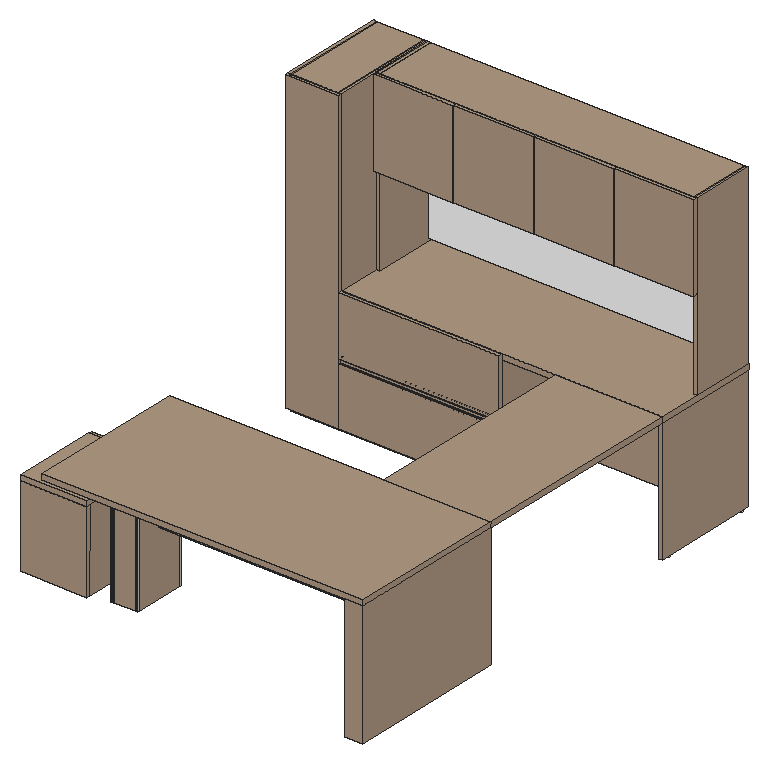
Revit family "T100004", category Furniture, Revit 2013
Parameters (values of type "T100004")
  Width = 84"
  URL = "http://www.ofsbrands.com/"
  Top Core Material = OFS BRANDS SLATE Top Core Wood
  Tool Rail Material = OFS BRANDS SLATE Tool Rail Metal
  Roll Material = OFS BRANDS SLATE Roll Plastic
  Pull Material = OFS BRANDS SLATE Pull Metal
  Model = "T100004"
  Manufacturer = "OFS"
  Lock Material = OFS BRANDS SLATE Lock Metal
  Height = 68 3/4"
  Glides Material = OFS BRANDS SLATE Glide Plastic
  Drawer Front Material = OFS BRANDS SLATE Drawer Front Wood
  Description = "OFS BRANDS OFS SLATE TYPICAL T100004"
  Depth = 108"
  Copyright © = "© 2018 OFS BRANDS"
  Chassis Material = OFS BRANDS SLATE Chassis Wood
  Catalog = "http://ofsbrands.com/products/casegoods/private-office/slate"
  Grommet  Material = OFS BRANDS SLATE Grommet Metal
  Back Coverage Material = OFS BRANDS SLATE Back Coverage Plastic
  Authoring Version = "Autodesk Revit Architecture 2013"
  Assembly Code = "E2020200"
Reference planes (in)
  plane 1 "Center (Front/Back)": y = 0
  plane 2: z = 0
  plane 3 "Center (Left/Right)": x = 0
Forms (in)
  Extrusion 1, solid, material "OFS BRANDS SLATE Chassis Wood" <- "Chassis Material"
    sketch origin (39.0625, -41.29485, 457.72219) x (0, -1, 0) y (0, 0, -1)
      loop
        line (12.70514, 457.27219) -> (-23.23233, 457.27219) -> (-23.23233, 429.70969) -> (12.70515, 429.70969) -> (12.70514, 457.27219)
    from -1.0625 to 2.93758
  Revolve 2, solid, material "OFS BRANDS SLATE Glide Plastic" <- "Glides Material"
    sketch origin (22.49423, -20.07607, 0.19832) x (-1, 0, 0) y (0, 0, -1)
      loop
        line (-17.50584, -0.25168) -> (-17.50584, 0.19831) -> (-17.75606, 0.19831)
        arc (-17.75606, 0.19831) -> (-17.8819, 0.07247) -> (-17.75606, -0.05337) r 0.12584
        line (-17.75606, -0.05337) -> (-17.75606, -0.25168) -> (-17.50584, -0.25168)
      axis (-17.50584, -0.25168) -> (-17.50584, 0.19831)
    angle from 0 to 360
  Revolve 3, solid, material "OFS BRANDS SLATE Glide Plastic" <- "Glides Material"
    sketch origin (22.49423, -51.98645, 0.19832) x (-1, 0, 0) y (0, 0, 1)
      loop
        line (-17.50584, 0.25168) -> (-17.75606, 0.25168) -> (-17.75606, 0.05337)
        arc (-17.75606, 0.05337) -> (-17.8819, -0.07247) -> (-17.75606, -0.19831) r 0.12584
        line (-17.75606, -0.19831) -> (-17.50584, -0.19831) -> (-17.50584, 0.25168)
      axis (-17.50584, 0.25168) -> (-17.50584, -0.19831)
    angle from 0 to 360
  Extrusion 4, solid, material "OFS BRANDS SLATE Chassis Wood" <- "Chassis Material"
    sketch origin (-2.45671, -35.3125, 0) x (1, 0, 0) y (0, 0, -1)
      loop
        line (40.4567, -15.0125) -> (-15.54329, -15.0125) -> (-15.54329, -28.0125) -> (40.45671, -28.0125) -> (40.4567, -15.0125)
    from -1.0625 to -0.3125
  Extrusion 5, solid, material "OFS BRANDS SLATE Top Core Wood" <- "Top Core Material"
    sketch origin (-30.55212, -160.96634, 0) x (1, 0, 0) y (0, 1, 0)
      loop
        line (0.55213, 106.96634) -> (72.5522, 106.96634) -> (72.5522, 142.96634) -> (0.55213, 142.96634) -> (0.55213, 106.96634)
    from 28.0125 to 29.2
  Extrusion 6, solid, material "OFS BRANDS SLATE Top Core Wood" <- "Top Core Material"
    sketch origin (-30.55212, 124.96635, 0) x (1, 0, 0) y (0, 1, 0)
      loop
        line (48.55212, -94.96634) -> (48.55212, -142.96634) -> (72.5522, -142.96634) -> (72.5522, -94.96634) -> (48.55212, -94.96634)
    from 28.0125 to 29.2
  Extrusion 7, solid, material "OFS BRANDS SLATE Top Core Wood" <- "Top Core Material"
    sketch origin (-36.55216, -64.96636, 0) x (1, 0, 0) y (0, 1, 0)
      loop
        line (6.5522, 94.96634) -> (78.55227, 94.96634) -> (78.55227, 118.96634) -> (6.5522, 118.96634) -> (6.5522, 94.96634)
    from 28.0125 to 29.2
  Extrusion 8, solid, material "OFS BRANDS SLATE Chassis Wood" <- "Chassis Material"
    sketch origin (-30.55212, -160.96634, -1.1875) x (1, 0, 0) y (0, 1, 0)
      loop
        line (6.55212, 130.43508) -> (6.55212, 119.49758) -> (6.61462, 119.49758) -> (6.61462, 119.02883) -> (7.08337, 119.02883) -> (7.08337, 118.96633) -> (12.02088, 118.96633) -> (12.02088, 119.02883) -> (12.48963, 119.02883) -> (12.48963, 119.49758) -> (12.55212, 119.49758) -> (12.55212, 130.43508) -> (12.48963, 130.43508) -> (12.48963, 130.90383) -> (12.02088, 130.90383) -> (12.02088, 130.96633) -> (7.08337, 130.96633) -> (7.08337, 130.90383) -> (6.61462, 130.90383) -> (6.61462, 130.43508) -> (6.55212, 130.43508)
    from 1.6375 to 29.2
  Extrusion 9, solid, material "OFS BRANDS SLATE Tool Rail Metal" <- "Tool Rail Material"
    sketch origin (-30.55212, -160.96634, -1.1875) x (1, 0, 0) y (0, 1, 0)
      loop
        line (6.56962, 130.94884) -> (6.56962, 130.44883) -> (6.61462, 130.44883) -> (6.61462, 130.90383) -> (7.06974, 130.90383) -> (7.06974, 130.94884) -> (6.56962, 130.94884)
      loop
        line (12.53463, 130.94884) -> (12.03451, 130.94884) -> (12.03451, 130.90383) -> (12.48963, 130.90383) -> (12.48963, 130.44883) -> (12.53463, 130.44883) -> (12.53463, 130.94884)
      loop
        line (6.56962, 118.98382) -> (7.06974, 118.98382) -> (7.06974, 119.02883) -> (6.61462, 119.02883) -> (6.61462, 119.48383) -> (6.56962, 119.48383) -> (6.56962, 118.98382)
      loop
        line (12.53463, 118.98382) -> (12.53463, 119.48383) -> (12.48963, 119.48383) -> (12.48963, 119.02883) -> (12.03451, 119.02883) -> (12.03451, 118.98382) -> (12.53463, 118.98382)
    from 1.6375 to 29.2
  Extrusion 10, solid, material "OFS BRANDS SLATE Chassis Wood" <- "Chassis Material"
    sketch origin (-18.61463, -37.41429, 57) x (1, 0, 0) y (0, 1, 0)
      loop
        line (-10.63538, 77.1643) -> (59.86462, 77.1643) -> (59.86462, 91.4143) -> (-10.63538, 91.4143) -> (-10.63538, 77.1643)
    from 11 to 11.75
  Extrusion 11, solid, material "OFS BRANDS SLATE Chassis Wood" <- "Chassis Material"
    sketch origin (-18.61463, -37.41429, 39.25) x (1, 0, 0) y (0, 1, 0)
      loop
        line (-10.63538, 77.1643) -> (59.86462, 77.1643) -> (59.86462, 90.6643) -> (-10.63538, 90.6643) -> (-10.63538, 77.1643)
    from 11 to 12.1875
  Extrusion 12, solid, material "OFS BRANDS SLATE Back Coverage Plastic" <- "Back Coverage Material"
    sketch origin (17.82801, 54.43751, 29.2) x (-1, 0, 0) y (0, 0, 1)
      loop
        line (47.07802, 0.55) -> (47.07802, 38.8) -> (-23.42198, 38.8) -> (-23.42198, 0.55) -> (47.07802, 0.55)
    from -1.1875 to -0.4375
  Extrusion 13, solid, material "OFS BRANDS SLATE Drawer Front Wood" <- "Drawer Front Material"
    sketch origin (-30, 27.08611, 29.4745) x (0, -1, 0) y (0, 0, -1)
      loop
        line (-11.82728, -19.77549) -> (-12.13907, -19.77549) -> (-12.57729, -20.21372) -> (-12.57728, -39.2755) -> (-11.82728, -39.2755) -> (-11.82728, -19.77549)
    from 0.0625 to 17.9375
  Extrusion 14, solid, material "OFS BRANDS SLATE Drawer Front Wood" <- "Drawer Front Material"
    sketch origin (-12, 27.08612, 29.4745) x (0, -1, 0) y (0, 0, -1)
      loop
        line (-11.82728, -19.77549) -> (-12.13907, -19.77549) -> (-12.57729, -20.21372) -> (-12.57728, -39.2755) -> (-11.82728, -39.2755) -> (-11.82728, -19.77549)
    from 0.0625 to 17.9375
  Extrusion 15, solid, material "OFS BRANDS SLATE Drawer Front Wood" <- "Drawer Front Material"
    sketch origin (6, 27.08612, 29.4745) x (0, -1, 0) y (0, 0, -1)
      loop
        line (-11.82728, -19.77549) -> (-12.13907, -19.77549) -> (-12.57729, -20.21372) -> (-12.57728, -39.2755) -> (-11.82728, -39.2755) -> (-11.82728, -19.77549)
    from 0.0625 to 17.9375
  Extrusion 16, solid, material "OFS BRANDS SLATE Drawer Front Wood" <- "Drawer Front Material"
    sketch origin (24, 27.08612, 29.4745) x (0, -1, 0) y (0, 0, -1)
      loop
        line (-11.82728, -19.77549) -> (-12.13907, -19.77549) -> (-12.57729, -20.21372) -> (-12.57728, -39.2755) -> (-11.82728, -39.2755) -> (-11.82728, -19.77549)
    from 0.0625 to 17.9375
  Extrusion 17, solid, material "OFS BRANDS SLATE Chassis Wood" <- "Chassis Material"
    sketch origin (-29.25, 27.08611, 29.4745) x (0, -1, 0) y (0, 0, -1)
      loop
        line (-12.6639, 0.2745) -> (-26.9139, 0.2745) -> (-26.9139, -39.2755) -> (-12.6639, -39.2755) -> (-12.6639, 0.2745)
    from -0.75 to 0
  Extrusion 18, solid, material "OFS BRANDS SLATE Chassis Wood" <- "Chassis Material"
    sketch origin (42, 27.08611, 29.4745) x (0, -1, 0) y (0, 0, -1)
      loop
        line (-12.6639, 0.2745) -> (-26.9139, 0.2745) -> (-26.9139, -39.2755) -> (-12.6639, -39.2755) -> (-12.6639, 0.2745)
    from -0.75 to 0
  Extrusion 19, solid, material "OFS BRANDS SLATE Chassis Wood" <- "Chassis Material"
    sketch origin (-12.61462, -37.4143, -27.56251) x (1, 0, 0) y (0, 1, 0)
      loop
        line (-29.38538, 68.2893) -> (18.61462, 68.2893) -> (18.61462, 91.4143) -> (-29.38538, 91.4143) -> (-29.38538, 68.2893)
    from 28.0125 to 29.26251
  Extrusion 20, solid, material "OFS BRANDS SLATE Chassis Wood" <- "Chassis Material"
    sketch origin (6, 27.0861, 29.4745) x (0, -1, 0) y (0, 0, -1)
      loop
        line (-2.9139, 27.7745) -> (-26.9139, 27.7745) -> (-26.9139, 1.462) -> (-2.9139, 1.462) -> (-2.9139, 27.7745)
    from -0.75 to 0
  Extrusion 21, solid, material "OFS BRANDS SLATE Drawer Front Wood" <- "Drawer Front Material"
    sketch origin (53.88385, 30.22588, 43.6875) x (1, 0, 0) y (0, 0, -1)
      loop
        line (-83.75885, 14.55) -> (-47.88385, 14.55) -> (-47.88385, 41.92501) -> (-83.75885, 41.92501) -> (-83.75885, 14.55)
    from -1.0625 to -0.3125
  Extrusion 22, void
    sketch origin (6, 30.22588, 71.875) x (0, 0, 1) y (0, 1, 0)
      loop
        line (-55.89375, -1.0625) -> (-55.89375, -0.96003)
        arc (-55.89375, -0.96003) -> (-55.64811, -0.71439) -> (-55.89375, -0.46875) r 0.24564
        line (-55.89375, -0.46875) -> (-56.39375, -0.46875) -> (-56.39375, -0.3125) -> (-56.51876, -0.3125) -> (-56.51876, -0.46875) -> (-57.01876, -0.46875)
        arc (-57.01876, -0.46875) -> (-57.2644, -0.71439) -> (-57.01876, -0.96003) r 0.24564
        line (-57.01876, -0.96003) -> (-57.01876, -1.0625) -> (-55.89375, -1.0625)
    from 0 to 35.875
  Extrusion 23, solid, material "OFS BRANDS SLATE Chassis Wood" <- "Chassis Material"
    sketch origin (42, 27.08611, -11.26299) x (0, -1, 0) y (0, 0, -1)
      loop
        line (-2.9139, -11.71299) -> (-26.9139, -11.71299) -> (-26.9139, -39.2755) -> (-2.9139, -39.2755) -> (-2.9139, -11.71299)
    from -0.75 to 0
  Extrusion 24, solid, material "OFS BRANDS SLATE Chassis Wood" <- "Chassis Material"
    sketch origin (-30, 27.08609, 29.4745) x (0, -1, 0) y (0, 0, -1)
      loop
        line (-2.9139, 27.7745) -> (-26.9139, 27.7745) -> (-26.9139, -39.22549) -> (-2.9139, -39.22549) -> (-2.9139, 27.7745)
    from -0.75 to 0
  Extrusion 25, solid, material "OFS BRANDS SLATE Chassis Wood" <- "Chassis Material"
    sketch origin (-41.25, 27.08609, 29.4745) x (0, -1, 0) y (0, 0, -1)
      loop
        line (-2.9139, 27.7745) -> (-26.9139, 27.7745) -> (-26.9139, -39.22549) -> (-2.9139, -39.22549) -> (-2.9139, 27.7745)
    from -0.75 to 0
  Extrusion 26, solid, material "OFS BRANDS SLATE Chassis Wood" <- "Chassis Material"
    sketch origin (-90.61462, -37.41431, 56.94999) x (1, 0, 0) y (0, 1, 0)
      loop
        line (49.36462, 67.4143) -> (59.86462, 67.4143) -> (59.86462, 91.4143) -> (49.36462, 91.4143) -> (49.36462, 67.4143)
    from 11 to 11.75
  Revolve 27, solid, material "OFS BRANDS SLATE Glide Plastic" <- "Glides Material"
    sketch origin (-23.10324, 32.25044, 0.19832) x (1, 0, 0) y (0, 0, 1)
      loop
        line (-17.50584, 0.25168) -> (-17.75606, 0.25168) -> (-17.75606, 0.05337)
        arc (-17.75606, 0.05337) -> (-17.8819, -0.07247) -> (-17.75606, -0.19831) r 0.12584
        line (-17.75606, -0.19831) -> (-17.50584, -0.19831) -> (-17.50584, 0.25168)
      axis (-17.50584, 0.25168) -> (-17.50584, -0.19831)
    angle from 0 to 360
  Revolve 28, solid, material "OFS BRANDS SLATE Glide Plastic" <- "Glides Material"
    sketch origin (-13.88505, 32.25044, 0.19832) x (1, 0, 0) y (0, 0, 1)
      loop
        line (-17.50584, 0.25168) -> (-17.75606, 0.25168) -> (-17.75606, 0.05337)
        arc (-17.75606, 0.05337) -> (-17.8819, -0.07247) -> (-17.75606, -0.19831) r 0.12584
        line (-17.75606, -0.19831) -> (-17.50584, -0.19831) -> (-17.50584, 0.25168)
      axis (-17.50584, 0.25168) -> (-17.50584, -0.19831)
    angle from 0 to 360
  Revolve 29, solid, material "OFS BRANDS SLATE Glide Plastic" <- "Glides Material"
    sketch origin (-23.10324, 52.62456, 0.19832) x (1, 0, 0) y (0, 0, 1)
      loop
        line (-17.50584, 0.25168) -> (-17.75606, 0.25168) -> (-17.75606, 0.05337)
        arc (-17.75606, 0.05337) -> (-17.8819, -0.07247) -> (-17.75606, -0.19831) r 0.12584
        line (-17.75606, -0.19831) -> (-17.50584, -0.19831) -> (-17.50584, 0.25168)
      axis (-17.50584, 0.25168) -> (-17.50584, -0.19831)
    angle from 0 to 360
  Revolve 30, solid, material "OFS BRANDS SLATE Glide Plastic" <- "Glides Material"
    sketch origin (-13.88505, 52.62457, 0.19832) x (1, 0, 0) y (0, 0, 1)
      loop
        line (-17.50584, 0.25168) -> (-17.75606, 0.25168) -> (-17.75606, 0.05337)
        arc (-17.75606, 0.05337) -> (-17.8819, -0.07247) -> (-17.75606, -0.19831) r 0.12584
        line (-17.75606, -0.19831) -> (-17.50584, -0.19831) -> (-17.50584, 0.25168)
      axis (-17.50584, 0.25168) -> (-17.50584, -0.19831)
    angle from 0 to 360
  Extrusion 31, solid, material "OFS BRANDS SLATE Chassis Wood" <- "Chassis Material"
    sketch origin (-29.25, 27.08609, 29.4745) x (0, -1, 0) y (0, 0, -1)
      loop
        line (-2.9139, 27.7745) -> (-26.9139, 27.7745) -> (-26.9139, 1.462) -> (-2.9139, 1.462) -> (-2.9139, 27.7745)
    from -0.75 to 0
  Extrusion 32, solid, material "OFS BRANDS SLATE Drawer Front Wood" <- "Drawer Front Material"
    sketch origin (17.82142, 30.31248, 43.6875) x (1, 0, 0) y (0, 0, -1)
      loop
        line (-59.75899, -24.94999) -> (-47.88385, -24.94999) -> (-47.88385, 41.92501) -> (-59.75899, 41.92501) -> (-59.75899, -24.94999)
    from -1.0625 to -0.3125
  Extrusion 33, solid, material "OFS BRANDS SLATE Chassis Wood" <- "Chassis Material"
    sketch origin (-16.44324, 54.25, 0) x (-1, 0, 0) y (0, 0, 1)
      loop
        line (24.80677, 1.7) -> (24.80677, 68) -> (14.30677, 68) -> (14.30677, 1.7) -> (24.80677, 1.7)
    from -1.0625 to -0.3125
  Extrusion 34, solid, material "OFS BRANDS SLATE Chassis Wood" <- "Chassis Material"
    sketch origin (-4.44324, 54.31249, 0) x (-1, 0, 0) y (0, 0, 1)
      loop
        line (24.80677, 1.7) -> (24.80677, 28.0125) -> (-9.69324, 28.0125) -> (-9.69324, 1.7) -> (24.80677, 1.7)
    from -1.0625 to -0.3125
  Extrusion 35, solid, material "OFS BRANDS SLATE Chassis Wood" <- "Chassis Material"
    sketch origin (32.70453, 51.06248, 0) x (-1, 0, 0) y (0, 0, 1)
      loop
        line (26.70453, 14.575) -> (26.70454, 27.2625) -> (-8.54546, 27.2625) -> (-8.54546, 14.575) -> (26.70453, 14.575)
    from -1.0625 to -0.3125
  Extrusion 36, solid, material "OFS BRANDS SLATE Chassis Wood" <- "Chassis Material"
    sketch origin (6, 27.0861, 29.4745) x (0, -1, 0) y (0, 0, 1)
      loop
        line (-23.66389, -27.7745) -> (-23.66388, -1.462) -> (-26.9139, -1.462) -> (-26.9139, -27.7745) -> (-23.66389, -27.7745)
    from -0.75 to 0
  Extrusion 37, solid, material "OFS BRANDS SLATE Chassis Wood" <- "Chassis Material"
    sketch origin (32.70453, 51.06248, -12.8125) x (-1, 0, 0) y (0, 0, 1)
      loop
        line (26.70453, 13.2625) -> (26.70454, 27.2625) -> (-8.54546, 27.2625) -> (-8.54546, 13.2625) -> (26.70453, 13.2625)
    from -1.0625 to -0.3125
  Revolve 38, solid, material "OFS BRANDS SLATE Glide Plastic" <- "Glides Material"
    sketch origin (23.89519, 32.25044, 0.19832) x (-1, 0, 0) y (0, 0, -1)
      loop
        line (-17.50584, -0.25168) -> (-17.50584, 0.19831) -> (-17.75606, 0.19831)
        arc (-17.75606, 0.19831) -> (-17.8819, 0.07247) -> (-17.75606, -0.05337) r 0.12584
        line (-17.75606, -0.05337) -> (-17.75606, -0.25168) -> (-17.50584, -0.25168)
      axis (-17.50584, -0.25168) -> (-17.50584, 0.19831)
    angle from 0 to 360
  Revolve 39, solid, material "OFS BRANDS SLATE Glide Plastic" <- "Glides Material"
    sketch origin (23.89519, 52.62458, 0.19832) x (-1, 0, 0) y (0, 0, -1)
      loop
        line (-17.50584, -0.25168) -> (-17.50584, 0.19831) -> (-17.75606, 0.19831)
        arc (-17.75606, 0.19831) -> (-17.8819, 0.07247) -> (-17.75606, -0.05337) r 0.12584
        line (-17.75606, -0.05337) -> (-17.75606, -0.25168) -> (-17.50584, -0.25168)
      axis (-17.50584, -0.25168) -> (-17.50584, 0.19831)
    angle from 0 to 360
  Revolve 40, solid, material "OFS BRANDS SLATE Glide Plastic" <- "Glides Material"
    sketch origin (-12.90196, 32.25042, 0.19832) x (-1, 0, 0) y (0, 0, -1)
      loop
        line (-17.50584, -0.25168) -> (-17.50584, 0.19831) -> (-17.75606, 0.19831)
        arc (-17.75606, 0.19831) -> (-17.8819, 0.07247) -> (-17.75606, -0.05337) r 0.12584
        line (-17.75606, -0.05337) -> (-17.75606, -0.25168) -> (-17.50584, -0.25168)
      axis (-17.50584, -0.25168) -> (-17.50584, 0.19831)
    angle from 0 to 360
  Revolve 41, solid, material "OFS BRANDS SLATE Glide Plastic" <- "Glides Material"
    sketch origin (-12.90196, 52.62456, 0.19832) x (-1, 0, 0) y (0, 0, -1)
      loop
        line (-17.50584, -0.25168) -> (-17.50584, 0.19831) -> (-17.75606, 0.19831)
        arc (-17.75606, 0.19831) -> (-17.8819, 0.07247) -> (-17.75606, -0.05337) r 0.12584
        line (-17.75606, -0.05337) -> (-17.75606, -0.25168) -> (-17.50584, -0.25168)
      axis (-17.50584, -0.25168) -> (-17.50584, 0.19831)
    angle from 0 to 360
  Revolve 42, solid, material "OFS BRANDS SLATE Glide Plastic" <- "Glides Material"
    sketch origin (-46.12016, 32.25042, 0.19832) x (-1, 0, 0) y (0, 0, -1)
      loop
        line (-17.50584, -0.25168) -> (-17.50584, 0.19831) -> (-17.75606, 0.19831)
        arc (-17.75606, 0.19831) -> (-17.8819, 0.07247) -> (-17.75606, -0.05337) r 0.12584
        line (-17.75606, -0.05337) -> (-17.75606, -0.25168) -> (-17.50584, -0.25168)
      axis (-17.50584, -0.25168) -> (-17.50584, 0.19831)
    angle from 0 to 360
  Revolve 43, solid, material "OFS BRANDS SLATE Glide Plastic" <- "Glides Material"
    sketch origin (-46.12016, 52.62455, 0.19832) x (-1, 0, 0) y (0, 0, -1)
      loop
        line (-17.50584, -0.25168) -> (-17.50584, 0.19831) -> (-17.75606, 0.19831)
        arc (-17.75606, 0.19831) -> (-17.8819, 0.07247) -> (-17.75606, -0.05337) r 0.12584
        line (-17.75606, -0.05337) -> (-17.75606, -0.25168) -> (-17.50584, -0.25168)
      axis (-17.50584, -0.25168) -> (-17.50584, 0.19831)
    angle from 0 to 360
  Revolve 44, solid, material "OFS BRANDS SLATE Glide Plastic" <- "Glides Material"
    sketch origin (-48.89673, 32.25043, 0.19832) x (-1, 0, 0) y (0, 0, -1)
      loop
        line (-17.50584, -0.25168) -> (-17.50584, 0.19831) -> (-17.75606, 0.19831)
        arc (-17.75606, 0.19831) -> (-17.8819, 0.07247) -> (-17.75606, -0.05337) r 0.12584
        line (-17.75606, -0.05337) -> (-17.75606, -0.25168) -> (-17.50584, -0.25168)
      axis (-17.50584, -0.25168) -> (-17.50584, 0.19831)
    angle from 0 to 360
  Revolve 45, solid, material "OFS BRANDS SLATE Glide Plastic" <- "Glides Material"
    sketch origin (-48.89673, 52.62457, 0.19832) x (-1, 0, 0) y (0, 0, -1)
      loop
        line (-17.50584, -0.25168) -> (-17.50584, 0.19831) -> (-17.75606, 0.19831)
        arc (-17.75606, 0.19831) -> (-17.8819, 0.07247) -> (-17.75606, -0.05337) r 0.12584
        line (-17.75606, -0.05337) -> (-17.75606, -0.25168) -> (-17.50584, -0.25168)
      axis (-17.50584, -0.25168) -> (-17.50584, 0.19831)
    angle from 0 to 360
  Revolve 46, solid, material "OFS BRANDS SLATE Glide Plastic" <- "Glides Material"
    sketch origin (-58.12016, 32.25043, 0.19832) x (-1, 0, 0) y (0, 0, -1)
      loop
        line (-17.50584, -0.25168) -> (-17.50584, 0.19831) -> (-17.75606, 0.19831)
        arc (-17.75606, 0.19831) -> (-17.8819, 0.07247) -> (-17.75606, -0.05337) r 0.12584
        line (-17.75606, -0.05337) -> (-17.75606, -0.25168) -> (-17.50584, -0.25168)
      axis (-17.50584, -0.25168) -> (-17.50584, 0.19831)
    angle from 0 to 360
  Revolve 47, solid, material "OFS BRANDS SLATE Glide Plastic" <- "Glides Material"
    sketch origin (-58.12016, 52.62457, 0.19832) x (-1, 0, 0) y (0, 0, -1)
      loop
        line (-17.50584, -0.25168) -> (-17.50584, 0.19831) -> (-17.75606, 0.19831)
        arc (-17.75606, 0.19831) -> (-17.8819, 0.07247) -> (-17.75606, -0.05337) r 0.12584
        line (-17.75606, -0.05337) -> (-17.75606, -0.25168) -> (-17.50584, -0.25168)
      axis (-17.50584, -0.25168) -> (-17.50584, 0.19831)
    angle from 0 to 360
  Extrusion 48, solid, material "OFS BRANDS SLATE Chassis Wood" <- "Chassis Material"
    sketch origin (-41.83173, -46.0517, 29.4745) x (0, -1, 0) y (0, 0, -1)
      loop
        line (-2.57729, 28.4745) -> (-21.07729, 28.4745) -> (-21.07729, 10.2245) -> (-2.57729, 10.2245) -> (-2.57729, 28.4745)
    from -0.75 to 0
  Extrusion 49, solid, material "OFS BRANDS SLATE Chassis Wood" <- "Chassis Material"
    sketch origin (-27.58173, -46.0517, 29.4745) x (0, -1, 0) y (0, 0, -1)
      loop
        line (-2.57729, 28.4745) -> (-21.07729, 28.4745) -> (-21.07729, 10.2245) -> (-2.57729, 10.2245) -> (-2.57729, 28.4745)
    from -0.75 to 0
  Extrusion 50, solid, material "OFS BRANDS SLATE Chassis Wood" <- "Chassis Material"
    sketch origin (-91.19635, -116.38871, 8.5625) x (1, 0, 0) y (0, 1, 0)
      loop
        line (48.61462, 72.16431) -> (63.61462, 72.16431) -> (63.61462, 91.4143) -> (48.61462, 91.4143) -> (48.61462, 72.16431)
    from 10.6875 to 11.75
  Extrusion 51, solid, material "OFS BRANDS SLATE Chassis Wood" <- "Chassis Material"
    sketch origin (-44.40902, -43.47441, 29.4745) x (-1, 0, 0) y (0, 0, 1)
      loop
        line (-1.82729, -28.4745) -> (-1.82729, -10.2245) -> (-16.82729, -10.2245) -> (-16.82729, -28.4745) -> (-1.82729, -28.4745)
    from -0.75 to 0
  Extrusion 52, solid, material "OFS BRANDS SLATE Drawer Front Wood" <- "Drawer Front Material"
    sketch origin (41.17713, -25.28691, 43.6875) x (1, 0, 0) y (0, 0, 1)
      loop
        line (-83.69636, -23.4375) -> (-83.69636, -41.92501) -> (-68.82136, -41.92501) -> (-68.82136, -23.4375) -> (-83.69636, -23.4375)
    from -1.0625 to -0.3125
  Extrusion 53, void
    sketch origin (-27.64423, -25.28691, 70.25872) x (0, 0, 1) y (0, 1, 0)
      loop
        line (-55.89375, 1.0625) -> (-57.01876, 1.0625) -> (-57.01876, 0.96003)
        arc (-57.01876, 0.96003) -> (-57.2644, 0.71439) -> (-57.01876, 0.46875) r 0.24564
        line (-57.01876, 0.46875) -> (-56.51876, 0.46875) -> (-56.51876, 0.3125) -> (-56.39375, 0.3125) -> (-56.39375, 0.46875) -> (-55.89375, 0.46875)
        arc (-55.89375, 0.46875) -> (-55.64811, 0.71439) -> (-55.89375, 0.96003) r 0.24564
        line (-55.89375, 0.96003) -> (-55.89375, 1.0625)
    from 0 to 14.875
  Extrusion 54, solid, material "OFS BRANDS SLATE Roll Plastic" <- "Roll Material"
    sketch origin (-40.61776, -46.07816, 29.4745) x (0, -1, 0) y (0, 0, -1)
      loop
        circle (-19.32729, 28.53442) r 0.94008
    from -0.75 to 0.78386
  Extrusion 55, solid, material "OFS BRANDS SLATE Roll Plastic" <- "Roll Material"
    sketch origin (-40.61776, -46.07816, 29.4745) x (0, -1, 0) y (0, 0, -1)
      loop
        arc (-18.30139, 28.55034) -> (-18.56665, 27.84584) -> (-19.24135, 27.51201) r 1.02602
        line (-19.24135, 27.51201) -> (-19.24135, 27.59827)
        arc (-19.24135, 27.59827) -> (-19.32729, 27.59434) -> (-19.41323, 27.59827) r 0.94008
        line (-19.41323, 27.59827) -> (-19.41323, 27.51201)
        arc (-19.41323, 27.51201) -> (-20.08257, 27.83996) -> (-20.35331, 28.53442) r 1.02602
        line (-20.35331, 28.53442) -> (-20.43925, 28.53442)
        arc (-20.43925, 28.53442) -> (-20.14338, 27.77914) -> (-19.41323, 27.42579) r 1.11196
        line (-19.41323, 27.42579) -> (-19.41323, 27.09434) -> (-19.24135, 27.09434) -> (-19.24135, 27.42579)
        arc (-19.24135, 27.42579) -> (-18.50581, 27.785) -> (-18.21545, 28.55034) r 1.11196
        line (-18.21545, 28.55034) -> (-18.30139, 28.55034)
    from -0.56728 to 0.61508
  Extrusion 56, solid, material "OFS BRANDS SLATE Chassis Wood" <- "Chassis Material"
    sketch origin (-91.19635, -116.38871, -8.30733) x (1, 0, 0) y (0, 1, 0)
      loop
        line (49.36462, 72.91431) -> (62.86462, 72.91431) -> (62.86462, 91.4143) -> (49.36462, 91.4143) -> (49.36462, 72.91431)
    from 10.6875 to 11.75
  Extrusion 57, solid, material "OFS BRANDS SLATE Roll Plastic" <- "Roll Material"
    sketch origin (-29.54569, -46.07816, 29.4745) x (0, -1, 0) y (0, 0, 1)
      loop
        circle (-19.32729, -28.53442) r 0.94008
    from -0.75 to 0.78386
  Extrusion 58, solid, material "OFS BRANDS SLATE Roll Plastic" <- "Roll Material"
    sketch origin (-29.54569, -46.07816, 29.4745) x (0, -1, 0) y (0, 0, 1)
      loop
        line (-18.30139, -28.55034) -> (-18.21545, -28.55034)
        arc (-18.21545, -28.55034) -> (-18.50581, -27.785) -> (-19.24135, -27.42579) r 1.11196
        line (-19.24135, -27.42579) -> (-19.24135, -27.09434) -> (-19.41323, -27.09434) -> (-19.41323, -27.42579)
        arc (-19.41323, -27.42579) -> (-20.14338, -27.77914) -> (-20.43925, -28.53442) r 1.11196
        line (-20.43925, -28.53442) -> (-20.35331, -28.53442)
        arc (-20.35331, -28.53442) -> (-20.08257, -27.83996) -> (-19.41323, -27.51201) r 1.02602
        line (-19.41323, -27.51201) -> (-19.41323, -27.59827)
        arc (-19.41323, -27.59827) -> (-19.32729, -27.59434) -> (-19.24135, -27.59827) r 0.94008
        line (-19.24135, -27.59827) -> (-19.24135, -27.51201)
        arc (-19.24135, -27.51201) -> (-18.56665, -27.84584) -> (-18.30139, -28.55034) r 1.02602
    from -0.56728 to 0.61508
  Extrusion 59, solid, material "OFS BRANDS SLATE Roll Plastic" <- "Roll Material"
    sketch origin (-40.61776, -22.37066, 29.4745) x (0, 1, 0) y (0, 0, 1)
      loop
        circle (-19.32729, -28.53442) r 0.94008
    from -0.75 to 0.78386
  Extrusion 60, solid, material "OFS BRANDS SLATE Roll Plastic" <- "Roll Material"
    sketch origin (-40.61776, -22.37066, 29.4745) x (0, 1, 0) y (0, 0, 1)
      loop
        line (-18.30139, -28.55034) -> (-18.21545, -28.55034)
        arc (-18.21545, -28.55034) -> (-18.50581, -27.785) -> (-19.24135, -27.42579) r 1.11196
        line (-19.24135, -27.42579) -> (-19.24135, -27.09434) -> (-19.41323, -27.09434) -> (-19.41323, -27.42579)
        arc (-19.41323, -27.42579) -> (-20.14338, -27.77914) -> (-20.43925, -28.53442) r 1.11196
        line (-20.43925, -28.53442) -> (-20.35331, -28.53442)
        arc (-20.35331, -28.53442) -> (-20.08257, -27.83996) -> (-19.41323, -27.51201) r 1.02602
        line (-19.41323, -27.51201) -> (-19.41323, -27.59827)
        arc (-19.41323, -27.59827) -> (-19.32729, -27.59434) -> (-19.24135, -27.59827) r 0.94008
        line (-19.24135, -27.59827) -> (-19.24135, -27.51201)
        arc (-19.24135, -27.51201) -> (-18.56665, -27.84584) -> (-18.30139, -28.55034) r 1.02602
    from -0.56728 to 0.61508
  Extrusion 61, solid, material "OFS BRANDS SLATE Roll Plastic" <- "Roll Material"
    sketch origin (-29.54569, -22.37066, 29.4745) x (0, 1, 0) y (0, 0, -1)
      loop
        circle (-19.32729, 28.53442) r 0.94008
    from -0.75 to 0.78386
  Extrusion 62, solid, material "OFS BRANDS SLATE Roll Plastic" <- "Roll Material"
    sketch origin (-29.54569, -22.37066, 29.4745) x (0, 1, 0) y (0, 0, -1)
      loop
        arc (-18.30139, 28.55034) -> (-18.56665, 27.84584) -> (-19.24135, 27.51201) r 1.02602
        line (-19.24135, 27.51201) -> (-19.24135, 27.59827)
        arc (-19.24135, 27.59827) -> (-19.32729, 27.59434) -> (-19.41323, 27.59827) r 0.94008
        line (-19.41323, 27.59827) -> (-19.41323, 27.51201)
        arc (-19.41323, 27.51201) -> (-20.08257, 27.83996) -> (-20.35331, 28.53442) r 1.02602
        line (-20.35331, 28.53442) -> (-20.43925, 28.53442)
        arc (-20.43925, 28.53442) -> (-20.14338, 27.77914) -> (-19.41323, 27.42579) r 1.11196
        line (-19.41323, 27.42579) -> (-19.41323, 27.09434) -> (-19.24135, 27.09434) -> (-19.24135, 27.42579)
        arc (-19.24135, 27.42579) -> (-18.50581, 27.785) -> (-18.21545, 28.55034) r 1.11196
        line (-18.21545, 28.55034) -> (-18.30139, 28.55034)
    from -0.56728 to 0.61508
  Extrusion 63, solid, material "OFS BRANDS SLATE Chassis Wood" <- "Chassis Material"
    sketch origin (-12.61462, -37.4143, -26.3125) x (1, 0, 0) y (0, 1, 0)
      loop
        line (-16.63538, 67.32769) -> (17.86462, 67.32769) -> (17.86462, 90.6643) -> (-16.63538, 90.6643) -> (-16.63538, 67.32769)
    from 28.0125 to 29.26251
  Extrusion 64, solid, material "OFS BRANDS SLATE Chassis Wood" <- "Chassis Material"
    sketch origin (-48.61462, -37.4143, -26.3125) x (1, 0, 0) y (0, 1, 0)
      loop
        line (7.36462, 67.4143) -> (17.86462, 67.4143) -> (17.86462, 90.60181) -> (7.36462, 90.60181) -> (7.36462, 67.4143)
    from 28.0125 to 29.26251
Cuts and joins
  Extrusion 22, Extrusion 53 cuts Extrusion 21
  Extrusion 53 cuts Extrusion 52
Dimensions and locks (in)
  aligned and locked: level to plane 2
